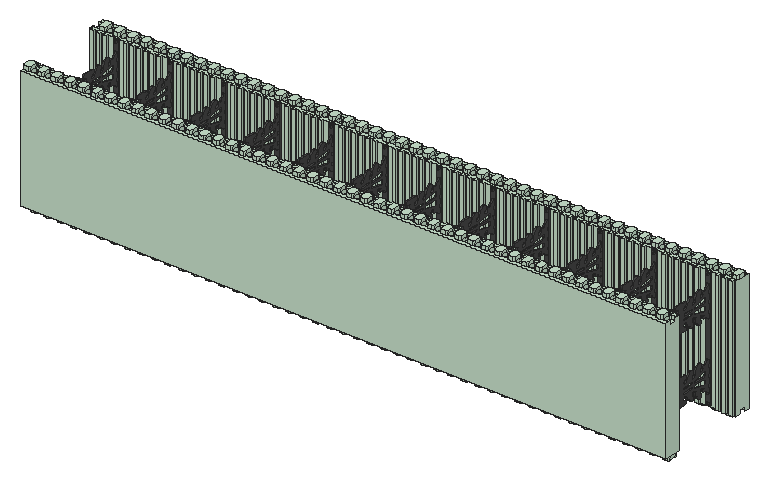
Revit family (continued)
Forms (in)
  Extrusion 100, void
    sketch origin (6, -2, 0) x (-1, 0, 0) y (0, -1, 0)
      loop
        arc (1.91675, 3.76455) -> (1.92106, 3.78736) -> (1.9334, 3.80702) r 0.0625
        arc (1.9334, 3.80702) -> (1.98276, 3.88568) -> (2, 3.97692) r 0.25
        line (2, 3.97692) -> (2, 4.89808)
        arc (2, 4.89808) -> (1.95215, 5.04517) -> (1.82692, 5.13595) r 0.25
        arc (1.82692, 5.13595) -> (1.5, 5.1875) -> (1.17308, 5.13595) r 1.0625
        arc (1.17308, 5.13595) -> (1.04785, 5.04517) -> (1, 4.89808) r 0.25
    from 0 to 0.5
  Extrusion 101, void
    sketch origin (8, -2, 0) x (-1, 0, 0) y (0, -1, 0)
      loop
        line (1, 4.89808) -> (1, 3.97692)
        arc (1, 3.97692) -> (1.04785, 3.82983) -> (1.17308, 3.73905) r 0.25
        arc (1.17308, 3.73905) -> (1.42092, 3.69045) -> (1.67323, 3.70172) r 1.0625
        arc (1.67323, 3.70172) -> (1.72385, 3.68771) -> (1.74592, 3.64005) r 0.0625
        line (1.74592, 3.64005) -> (1.74592, 3.41845) -> (1.91675, 3.41845) -> (1.91675, 3.76455)
        arc (1.91675, 3.76455) -> (1.92106, 3.78736) -> (1.9334, 3.80702) r 0.0625
        arc (1.9334, 3.80702) -> (1.98276, 3.88568) -> (2, 3.97692) r 0.25
        line (2, 3.97692) -> (2, 4.89808)
        arc (2, 4.89808) -> (1.95215, 5.04517) -> (1.82692, 5.13595) r 0.25
        arc (1.82692, 5.13595) -> (1.5, 5.1875) -> (1.17308, 5.13595) r 1.0625
        arc (1.17308, 5.13595) -> (1.04785, 5.04517) -> (1, 4.89808) r 0.25
    from 0 to 0.5
  Extrusion 102, void
    sketch origin (10, -2, 0) x (-1, 0, 0) y (0, -1, 0)
      loop
        line (1, 4.89808) -> (1, 3.97692)
        arc (1, 3.97692) -> (1.04785, 3.82983) -> (1.17308, 3.73905) r 0.25
        arc (1.17308, 3.73905) -> (1.42092, 3.69045) -> (1.67323, 3.70172) r 1.0625
        arc (1.67323, 3.70172) -> (1.72385, 3.68771) -> (1.74592, 3.64005) r 0.0625
        line (1.74592, 3.64005) -> (1.74592, 3.41845) -> (1.91675, 3.41845) -> (1.91675, 3.76455)
        arc (1.91675, 3.76455) -> (1.92106, 3.78736) -> (1.9334, 3.80702) r 0.0625
        arc (1.9334, 3.80702) -> (1.98276, 3.88568) -> (2, 3.97692) r 0.25
        line (2, 3.97692) -> (2, 4.89808)
        arc (2, 4.89808) -> (1.95215, 5.04517) -> (1.82692, 5.13595) r 0.25
        arc (1.82692, 5.13595) -> (1.5, 5.1875) -> (1.17308, 5.13595) r 1.0625
        arc (1.17308, 5.13595) -> (1.04785, 5.04517) -> (1, 4.89808) r 0.25
    from 0 to 0.5
  Extrusion 103, void
    sketch origin (12, -2, 0) x (-1, 0, 0) y (0, -1, 0)
      loop
        line (1, 4.89808) -> (1, 3.97692)
        arc (1, 3.97692) -> (1.04785, 3.82983) -> (1.17308, 3.73905) r 0.25
        arc (1.17308, 3.73905) -> (1.42092, 3.69045) -> (1.67323, 3.70172) r 1.0625
        arc (1.67323, 3.70172) -> (1.72385, 3.68771) -> (1.74592, 3.64005) r 0.0625
        line (1.74592, 3.64005) -> (1.74592, 3.41845) -> (1.91675, 3.41845) -> (1.91675, 3.76455)
        arc (1.91675, 3.76455) -> (1.92106, 3.78736) -> (1.9334, 3.80702) r 0.0625
        arc (1.9334, 3.80702) -> (1.98276, 3.88568) -> (2, 3.97692) r 0.25
        line (2, 3.97692) -> (2, 4.89808)
        arc (2, 4.89808) -> (1.95215, 5.04517) -> (1.82692, 5.13595) r 0.25
        arc (1.82692, 5.13595) -> (1.5, 5.1875) -> (1.17308, 5.13595) r 1.0625
        arc (1.17308, 5.13595) -> (1.04785, 5.04517) -> (1, 4.89808) r 0.25
    from 0 to 0.5
  Extrusion 104, void
    sketch origin (14, -2, 0) x (-1, 0, 0) y (0, -1, 0)
      loop
        line (1, 4.89808) -> (1, 3.97692)
        arc (1, 3.97692) -> (1.04785, 3.82983) -> (1.17308, 3.73905) r 0.25
        arc (1.17308, 3.73905) -> (1.42092, 3.69045) -> (1.67323, 3.70172) r 1.0625
        arc (1.67323, 3.70172) -> (1.72385, 3.68771) -> (1.74592, 3.64005) r 0.0625
        line (1.74592, 3.64005) -> (1.74592, 3.41845) -> (1.91675, 3.41845) -> (1.91675, 3.76455)
        arc (1.91675, 3.76455) -> (1.92106, 3.78736) -> (1.9334, 3.80702) r 0.0625
        arc (1.9334, 3.80702) -> (1.98276, 3.88568) -> (2, 3.97692) r 0.25
        line (2, 3.97692) -> (2, 4.89808)
        arc (2, 4.89808) -> (1.95215, 5.04517) -> (1.82692, 5.13595) r 0.25
        arc (1.82692, 5.13595) -> (1.5, 5.1875) -> (1.17308, 5.13595) r 1.0625
        arc (1.17308, 5.13595) -> (1.04785, 5.04517) -> (1, 4.89808) r 0.25
    from 0 to 0.5
  Extrusion 105, void
    sketch origin (16, -2, 0) x (-1, 0, 0) y (0, -1, 0)
      loop
        line (1, 4.89808) -> (1, 3.97692)
        arc (1, 3.97692) -> (1.04785, 3.82983) -> (1.17308, 3.73905) r 0.25
        arc (1.17308, 3.73905) -> (1.42092, 3.69045) -> (1.67323, 3.70172) r 1.0625
        arc (1.67323, 3.70172) -> (1.72385, 3.68771) -> (1.74592, 3.64005) r 0.0625
        line (1.74592, 3.64005) -> (1.74592, 3.41845) -> (1.91675, 3.41845) -> (1.91675, 3.76455)
        arc (1.91675, 3.76455) -> (1.92106, 3.78736) -> (1.9334, 3.80702) r 0.0625
        arc (1.9334, 3.80702) -> (1.98276, 3.88568) -> (2, 3.97692) r 0.25
        line (2, 3.97692) -> (2, 4.89808)
        arc (2, 4.89808) -> (1.95215, 5.04517) -> (1.82692, 5.13595) r 0.25
        arc (1.82692, 5.13595) -> (1.5, 5.1875) -> (1.17308, 5.13595) r 1.0625
        arc (1.17308, 5.13595) -> (1.04785, 5.04517) -> (1, 4.89808) r 0.25
    from 0 to 0.5
  Extrusion 106, void
    sketch origin (18, -2, 0) x (-1, 0, 0) y (0, -1, 0)
      loop
        line (1, 4.89808) -> (1, 3.97692)
        arc (1, 3.97692) -> (1.04785, 3.82983) -> (1.17308, 3.73905) r 0.25
        arc (1.17308, 3.73905) -> (1.42092, 3.69045) -> (1.67323, 3.70172) r 1.0625
        arc (1.67323, 3.70172) -> (1.72385, 3.68771) -> (1.74592, 3.64005) r 0.0625
        line (1.74592, 3.64005) -> (1.74592, 3.41845) -> (1.91675, 3.41845) -> (1.91675, 3.76455)
        arc (1.91675, 3.76455) -> (1.92106, 3.78736) -> (1.9334, 3.80702) r 0.0625
        arc (1.9334, 3.80702) -> (1.98276, 3.88568) -> (2, 3.97692) r 0.25
        line (2, 3.97692) -> (2, 4.89808)
        arc (2, 4.89808) -> (1.95215, 5.04517) -> (1.82692, 5.13595) r 0.25
        arc (1.82692, 5.13595) -> (1.5, 5.1875) -> (1.17308, 5.13595) r 1.0625
        arc (1.17308, 5.13595) -> (1.04785, 5.04517) -> (1, 4.89808) r 0.25
    from 0 to 0.5
  Extrusion 107, void
    sketch origin (20, -2, 0) x (-1, 0, 0) y (0, -1, 0)
      loop
        line (1, 4.89808) -> (1, 3.97692)
        arc (1, 3.97692) -> (1.04785, 3.82983) -> (1.17308, 3.73905) r 0.25
        arc (1.17308, 3.73905) -> (1.42092, 3.69045) -> (1.67323, 3.70172) r 1.0625
        arc (1.67323, 3.70172) -> (1.72385, 3.68771) -> (1.74592, 3.64005) r 0.0625
        line (1.74592, 3.64005) -> (1.74592, 3.41845) -> (1.91675, 3.41845) -> (1.91675, 3.76455)
        arc (1.91675, 3.76455) -> (1.92106, 3.78736) -> (1.9334, 3.80702) r 0.0625
        arc (1.9334, 3.80702) -> (1.98276, 3.88568) -> (2, 3.97692) r 0.25
        line (2, 3.97692) -> (2, 4.89808)
        arc (2, 4.89808) -> (1.95215, 5.04517) -> (1.82692, 5.13595) r 0.25
        arc (1.82692, 5.13595) -> (1.5, 5.1875) -> (1.17308, 5.13595) r 1.0625
        arc (1.17308, 5.13595) -> (1.04785, 5.04517) -> (1, 4.89808) r 0.25
    from 0 to 0.5
  Extrusion 108, void
    sketch origin (22, -2, 0) x (-1, 0, 0) y (0, -1, 0)
      loop
        line (1, 4.89808) -> (1, 3.97692)
        arc (1, 3.97692) -> (1.04785, 3.82983) -> (1.17308, 3.73905) r 0.25
        arc (1.17308, 3.73905) -> (1.42092, 3.69045) -> (1.67323, 3.70172) r 1.0625
        arc (1.67323, 3.70172) -> (1.72385, 3.68771) -> (1.74592, 3.64005) r 0.0625
        line (1.74592, 3.64005) -> (1.74592, 3.41845) -> (1.91675, 3.41845) -> (1.91675, 3.76455)
        arc (1.91675, 3.76455) -> (1.92106, 3.78736) -> (1.9334, 3.80702) r 0.0625
        arc (1.9334, 3.80702) -> (1.98276, 3.88568) -> (2, 3.97692) r 0.25
        line (2, 3.97692) -> (2, 4.89808)
        arc (2, 4.89808) -> (1.95215, 5.04517) -> (1.82692, 5.13595) r 0.25
        arc (1.82692, 5.13595) -> (1.5, 5.1875) -> (1.17308, 5.13595) r 1.0625
        arc (1.17308, 5.13595) -> (1.04785, 5.04517) -> (1, 4.89808) r 0.25
    from 0 to 0.5
  Extrusion 109, void
    sketch origin (24, -2, 0) x (-1, 0, 0) y (0, -1, 0)
      loop
        line (1, 4.89808) -> (1, 3.97692)
        arc (1, 3.97692) -> (1.04785, 3.82983) -> (1.17308, 3.73905) r 0.25
        arc (1.17308, 3.73905) -> (1.42092, 3.69045) -> (1.67323, 3.70172) r 1.0625
        arc (1.67323, 3.70172) -> (1.72385, 3.68771) -> (1.74592, 3.64005) r 0.0625
        line (1.74592, 3.64005) -> (1.74592, 3.41845) -> (1.91675, 3.41845) -> (1.91675, 3.76455)
        arc (1.91675, 3.76455) -> (1.92106, 3.78736) -> (1.9334, 3.80702) r 0.0625
        arc (1.9334, 3.80702) -> (1.98276, 3.88568) -> (2, 3.97692) r 0.25
        line (2, 3.97692) -> (2, 4.89808)
        arc (2, 4.89808) -> (1.95215, 5.04517) -> (1.82692, 5.13595) r 0.25
        arc (1.82692, 5.13595) -> (1.5, 5.1875) -> (1.17308, 5.13595) r 1.0625
        arc (1.17308, 5.13595) -> (1.04785, 5.04517) -> (1, 4.89808) r 0.25
    from 0 to 0.5
  Extrusion 110, void
    sketch origin (26, -2, 0) x (-1, 0, 0) y (0, -1, 0)
      loop
        line (1, 4.89808) -> (1, 3.97692)
        arc (1, 3.97692) -> (1.04785, 3.82983) -> (1.17308, 3.73905) r 0.25
        arc (1.17308, 3.73905) -> (1.42092, 3.69045) -> (1.67323, 3.70172) r 1.0625
        arc (1.67323, 3.70172) -> (1.72385, 3.68771) -> (1.74592, 3.64005) r 0.0625
        line (1.74592, 3.64005) -> (1.74592, 3.41845) -> (1.91675, 3.41845) -> (1.91675, 3.76455)
        arc (1.91675, 3.76455) -> (1.92106, 3.78736) -> (1.9334, 3.80702) r 0.0625
        arc (1.9334, 3.80702) -> (1.98276, 3.88568) -> (2, 3.97692) r 0.25
        line (2, 3.97692) -> (2, 4.89808)
        arc (2, 4.89808) -> (1.95215, 5.04517) -> (1.82692, 5.13595) r 0.25
        arc (1.82692, 5.13595) -> (1.5, 5.1875) -> (1.17308, 5.13595) r 1.0625
        arc (1.17308, 5.13595) -> (1.04785, 5.04517) -> (1, 4.89808) r 0.25
    from 0 to 0.5
  Extrusion 111, void
    sketch origin (28, -2, 0) x (-1, 0, 0) y (0, -1, 0)
      loop
        line (1, 4.89808) -> (1, 3.97692)
        arc (1, 3.97692) -> (1.04785, 3.82983) -> (1.17308, 3.73905) r 0.25
        arc (1.17308, 3.73905) -> (1.42092, 3.69045) -> (1.67323, 3.70172) r 1.0625
        arc (1.67323, 3.70172) -> (1.72385, 3.68771) -> (1.74592, 3.64005) r 0.0625
        line (1.74592, 3.64005) -> (1.74592, 3.41845) -> (1.91675, 3.41845) -> (1.91675, 3.76455)
        arc (1.91675, 3.76455) -> (1.92106, 3.78736) -> (1.9334, 3.80702) r 0.0625
        arc (1.9334, 3.80702) -> (1.98276, 3.88568) -> (2, 3.97692) r 0.25
        line (2, 3.97692) -> (2, 4.89808)
        arc (2, 4.89808) -> (1.95215, 5.04517) -> (1.82692, 5.13595) r 0.25
        arc (1.82692, 5.13595) -> (1.5, 5.1875) -> (1.17308, 5.13595) r 1.0625
        arc (1.17308, 5.13595) -> (1.04785, 5.04517) -> (1, 4.89808) r 0.25
    from 0 to 0.5
  Extrusion 112, void
    sketch origin (30, -2, 0) x (-1, 0, 0) y (0, -1, 0)
      loop
        line (1, 4.89808) -> (1, 3.97692)
        arc (1, 3.97692) -> (1.04785, 3.82983) -> (1.17308, 3.73905) r 0.25
        arc (1.17308, 3.73905) -> (1.42092, 3.69045) -> (1.67323, 3.70172) r 1.0625
        arc (1.67323, 3.70172) -> (1.72385, 3.68771) -> (1.74592, 3.64005) r 0.0625
        line (1.74592, 3.64005) -> (1.74592, 3.41845) -> (1.91675, 3.41845) -> (1.91675, 3.76455)
        arc (1.91675, 3.76455) -> (1.92106, 3.78736) -> (1.9334, 3.80702) r 0.0625
        arc (1.9334, 3.80702) -> (1.98276, 3.88568) -> (2, 3.97692) r 0.25
        line (2, 3.97692) -> (2, 4.89808)
        arc (2, 4.89808) -> (1.95215, 5.04517) -> (1.82692, 5.13595) r 0.25
        arc (1.82692, 5.13595) -> (1.5, 5.1875) -> (1.17308, 5.13595) r 1.0625
        arc (1.17308, 5.13595) -> (1.04785, 5.04517) -> (1, 4.89808) r 0.25
    from 0 to 0.5
  Extrusion 113, void
    sketch origin (32, -2, 0) x (-1, 0, 0) y (0, -1, 0)
      loop
        line (1, 4.89808) -> (1, 3.97692)
        arc (1, 3.97692) -> (1.04785, 3.82983) -> (1.17308, 3.73905) r 0.25
        arc (1.17308, 3.73905) -> (1.42092, 3.69045) -> (1.67323, 3.70172) r 1.0625
        arc (1.67323, 3.70172) -> (1.72385, 3.68771) -> (1.74592, 3.64005) r 0.0625
        line (1.74592, 3.64005) -> (1.74592, 3.41845) -> (1.91675, 3.41845) -> (1.91675, 3.76455)
        arc (1.91675, 3.76455) -> (1.92106, 3.78736) -> (1.9334, 3.80702) r 0.0625
        arc (1.9334, 3.80702) -> (1.98276, 3.88568) -> (2, 3.97692) r 0.25
        line (2, 3.97692) -> (2, 4.89808)
        arc (2, 4.89808) -> (1.95215, 5.04517) -> (1.82692, 5.13595) r 0.25
        arc (1.82692, 5.13595) -> (1.5, 5.1875) -> (1.17308, 5.13595) r 1.0625
        arc (1.17308, 5.13595) -> (1.04785, 5.04517) -> (1, 4.89808) r 0.25
    from 0 to 0.5
  Extrusion 114, void
    sketch origin (34, -2, 0) x (-1, 0, 0) y (0, -1, 0)
      loop
        line (1, 4.89808) -> (1, 3.97692)
        arc (1, 3.97692) -> (1.04785, 3.82983) -> (1.17308, 3.73905) r 0.25
        arc (1.17308, 3.73905) -> (1.42092, 3.69045) -> (1.67323, 3.70172) r 1.0625
        arc (1.67323, 3.70172) -> (1.72385, 3.68771) -> (1.74592, 3.64005) r 0.0625
        line (1.74592, 3.64005) -> (1.74592, 3.41845) -> (1.91675, 3.41845) -> (1.91675, 3.76455)
        arc (1.91675, 3.76455) -> (1.92106, 3.78736) -> (1.9334, 3.80702) r 0.0625
        arc (1.9334, 3.80702) -> (1.98276, 3.88568) -> (2, 3.97692) r 0.25
        line (2, 3.97692) -> (2, 4.89808)
        arc (2, 4.89808) -> (1.95215, 5.04517) -> (1.82692, 5.13595) r 0.25
        arc (1.82692, 5.13595) -> (1.5, 5.1875) -> (1.17308, 5.13595) r 1.0625
        arc (1.17308, 5.13595) -> (1.04785, 5.04517) -> (1, 4.89808) r 0.25
    from 0 to 0.5
  Extrusion 115, void
    sketch origin (36, -2, 0) x (-1, 0, 0) y (0, -1, 0)
      loop
        line (1, 4.89808) -> (1, 3.97692)
        arc (1, 3.97692) -> (1.04785, 3.82983) -> (1.17308, 3.73905) r 0.25
        arc (1.17308, 3.73905) -> (1.42092, 3.69045) -> (1.67323, 3.70172) r 1.0625
        arc (1.67323, 3.70172) -> (1.72385, 3.68771) -> (1.74592, 3.64005) r 0.0625
        line (1.74592, 3.64005) -> (1.74592, 3.41845) -> (1.91675, 3.41845) -> (1.91675, 3.76455)
        arc (1.91675, 3.76455) -> (1.92106, 3.78736) -> (1.9334, 3.80702) r 0.0625
        arc (1.9334, 3.80702) -> (1.98276, 3.88568) -> (2, 3.97692) r 0.25
        line (2, 3.97692) -> (2, 4.89808)
        arc (2, 4.89808) -> (1.95215, 5.04517) -> (1.82692, 5.13595) r 0.25
        arc (1.82692, 5.13595) -> (1.5, 5.1875) -> (1.17308, 5.13595) r 1.0625
        arc (1.17308, 5.13595) -> (1.04785, 5.04517) -> (1, 4.89808) r 0.25
    from 0 to 0.5
  Extrusion 116, void
    sketch origin (38, -2, 0) x (-1, 0, 0) y (0, -1, 0)
      loop
        line (1, 4.89808) -> (1, 3.97692)
        arc (1, 3.97692) -> (1.04785, 3.82983) -> (1.17308, 3.73905) r 0.25
        arc (1.17308, 3.73905) -> (1.42092, 3.69045) -> (1.67323, 3.70172) r 1.0625
        arc (1.67323, 3.70172) -> (1.72385, 3.68771) -> (1.74592, 3.64005) r 0.0625
        line (1.74592, 3.64005) -> (1.74592, 3.41845) -> (1.91675, 3.41845) -> (1.91675, 3.76455)
        arc (1.91675, 3.76455) -> (1.92106, 3.78736) -> (1.9334, 3.80702) r 0.0625
        arc (1.9334, 3.80702) -> (1.98276, 3.88568) -> (2, 3.97692) r 0.25
        line (2, 3.97692) -> (2, 4.89808)
        arc (2, 4.89808) -> (1.95215, 5.04517) -> (1.82692, 5.13595) r 0.25
        arc (1.82692, 5.13595) -> (1.5, 5.1875) -> (1.17308, 5.13595) r 1.0625
        arc (1.17308, 5.13595) -> (1.04785, 5.04517) -> (1, 4.89808) r 0.25
    from 0 to 0.5
  Extrusion 117, void
    sketch origin (40, -2, 0) x (-1, 0, 0) y (0, -1, 0)
      loop
        line (1, 4.89808) -> (1, 3.97692)
        arc (1, 3.97692) -> (1.04785, 3.82983) -> (1.17308, 3.73905) r 0.25
        arc (1.17308, 3.73905) -> (1.42092, 3.69045) -> (1.67323, 3.70172) r 1.0625
        arc (1.67323, 3.70172) -> (1.72385, 3.68771) -> (1.74592, 3.64005) r 0.0625
        line (1.74592, 3.64005) -> (1.74592, 3.41845) -> (1.91675, 3.41845) -> (1.91675, 3.76455)
        arc (1.91675, 3.76455) -> (1.92106, 3.78736) -> (1.9334, 3.80702) r 0.0625
        arc (1.9334, 3.80702) -> (1.98276, 3.88568) -> (2, 3.97692) r 0.25
        line (2, 3.97692) -> (2, 4.89808)
        arc (2, 4.89808) -> (1.95215, 5.04517) -> (1.82692, 5.13595) r 0.25
        arc (1.82692, 5.13595) -> (1.5, 5.1875) -> (1.17308, 5.13595) r 1.0625
        arc (1.17308, 5.13595) -> (1.04785, 5.04517) -> (1, 4.89808) r 0.25
    from 0 to 0.5
  Extrusion 118, void
    sketch origin (42, -2, 0) x (-1, 0, 0) y (0, -1, 0)
      loop
        line (1, 4.89808) -> (1, 3.97692)
        arc (1, 3.97692) -> (1.04785, 3.82983) -> (1.17308, 3.73905) r 0.25
        arc (1.17308, 3.73905) -> (1.42092, 3.69045) -> (1.67323, 3.70172) r 1.0625
        arc (1.67323, 3.70172) -> (1.72385, 3.68771) -> (1.74592, 3.64005) r 0.0625
        line (1.74592, 3.64005) -> (1.74592, 3.41845) -> (1.91675, 3.41845) -> (1.91675, 3.76455)
        arc (1.91675, 3.76455) -> (1.92106, 3.78736) -> (1.9334, 3.80702) r 0.0625
        arc (1.9334, 3.80702) -> (1.98276, 3.88568) -> (2, 3.97692) r 0.25
        line (2, 3.97692) -> (2, 4.89808)
        arc (2, 4.89808) -> (1.95215, 5.04517) -> (1.82692, 5.13595) r 0.25
        arc (1.82692, 5.13595) -> (1.5, 5.1875) -> (1.17308, 5.13595) r 1.0625
        arc (1.17308, 5.13595) -> (1.04785, 5.04517) -> (1, 4.89808) r 0.25
    from 0 to 0.5
  Extrusion 119, void
    sketch origin (44, -2, 0) x (-1, 0, 0) y (0, -1, 0)
      loop
        line (1, 4.89808) -> (1, 3.97692)
        arc (1, 3.97692) -> (1.04785, 3.82983) -> (1.17308, 3.73905) r 0.25
        arc (1.17308, 3.73905) -> (1.42092, 3.69045) -> (1.67323, 3.70172) r 1.0625
        arc (1.67323, 3.70172) -> (1.72385, 3.68771) -> (1.74592, 3.64005) r 0.0625
        line (1.74592, 3.64005) -> (1.74592, 3.41845) -> (1.91675, 3.41845) -> (1.91675, 3.76455)
        arc (1.91675, 3.76455) -> (1.92106, 3.78736) -> (1.9334, 3.80702) r 0.0625
        arc (1.9334, 3.80702) -> (1.98276, 3.88568) -> (2, 3.97692) r 0.25
        line (2, 3.97692) -> (2, 4.89808)
        arc (2, 4.89808) -> (1.95215, 5.04517) -> (1.82692, 5.13595) r 0.25
        arc (1.82692, 5.13595) -> (1.5, 5.1875) -> (1.17308, 5.13595) r 1.0625
        arc (1.17308, 5.13595) -> (1.04785, 5.04517) -> (1, 4.89808) r 0.25
    from 0 to 0.5
  Extrusion 120, void
    sketch origin (46, -2, 0) x (-1, 0, 0) y (0, -1, 0)
      loop
        line (1, 4.89808) -> (1, 3.97692)
        arc (1, 3.97692) -> (1.04785, 3.82983) -> (1.17308, 3.73905) r 0.25
        arc (1.17308, 3.73905) -> (1.42092, 3.69045) -> (1.67323, 3.70172) r 1.0625
        arc (1.67323, 3.70172) -> (1.72385, 3.68771) -> (1.74592, 3.64005) r 0.0625
        line (1.74592, 3.64005) -> (1.74592, 3.41845) -> (1.91675, 3.41845) -> (1.91675, 3.76455)
        arc (1.91675, 3.76455) -> (1.92106, 3.78736) -> (1.9334, 3.80702) r 0.0625
        arc (1.9334, 3.80702) -> (1.98276, 3.88568) -> (2, 3.97692) r 0.25
        line (2, 3.97692) -> (2, 4.89808)
        arc (2, 4.89808) -> (1.95215, 5.04517) -> (1.82692, 5.13595) r 0.25
        arc (1.82692, 5.13595) -> (1.5, 5.1875) -> (1.17308, 5.13595) r 1.0625
        arc (1.17308, 5.13595) -> (1.04785, 5.04517) -> (1, 4.89808) r 0.25
    from 0 to 0.5
  Extrusion 121, void
    sketch origin (48, -2, 0) x (-1, 0, 0) y (0, -1, 0)
      loop
        line (1, 4.89808) -> (1, 3.97692)
        arc (1, 3.97692) -> (1.04785, 3.82983) -> (1.17308, 3.73905) r 0.25
        arc (1.17308, 3.73905) -> (1.42092, 3.69045) -> (1.67323, 3.70172) r 1.0625
        arc (1.67323, 3.70172) -> (1.72385, 3.68771) -> (1.74592, 3.64005) r 0.0625
        line (1.74592, 3.64005) -> (1.74592, 3.41845) -> (1.91675, 3.41845) -> (1.91675, 3.76455)
        arc (1.91675, 3.76455) -> (1.92106, 3.78736) -> (1.9334, 3.80702) r 0.0625
        arc (1.9334, 3.80702) -> (1.98276, 3.88568) -> (2, 3.97692) r 0.25
        line (2, 3.97692) -> (2, 4.89808)
        arc (2, 4.89808) -> (1.95215, 5.04517) -> (1.82692, 5.13595) r 0.25
        arc (1.82692, 5.13595) -> (1.5, 5.1875) -> (1.17308, 5.13595) r 1.0625
        arc (1.17308, 5.13595) -> (1.04785, 5.04517) -> (1, 4.89808) r 0.25
    from 0 to 0.5
  Extrusion 122, void
    sketch origin (50, -2, 0) x (-1, 0, 0) y (0, -1, 0)
      loop
        line (1, 4.89808) -> (1, 3.97692)
        arc (1, 3.97692) -> (1.04785, 3.82983) -> (1.17308, 3.73905) r 0.25
        arc (1.17308, 3.73905) -> (1.42092, 3.69045) -> (1.67323, 3.70172) r 1.0625
        arc (1.67323, 3.70172) -> (1.72385, 3.68771) -> (1.74592, 3.64005) r 0.0625
        line (1.74592, 3.64005) -> (1.74592, 3.41845) -> (1.91675, 3.41845) -> (1.91675, 3.76455)
        arc (1.91675, 3.76455) -> (1.92106, 3.78736) -> (1.9334, 3.80702) r 0.0625
        arc (1.9334, 3.80702) -> (1.98276, 3.88568) -> (2, 3.97692) r 0.25
        line (2, 3.97692) -> (2, 4.89808)
        arc (2, 4.89808) -> (1.95215, 5.04517) -> (1.82692, 5.13595) r 0.25
        arc (1.82692, 5.13595) -> (1.5, 5.1875) -> (1.17308, 5.13595) r 1.0625
        arc (1.17308, 5.13595) -> (1.04785, 5.04517) -> (1, 4.89808) r 0.25
    from 0 to 0.5
  Extrusion 123, void
    sketch origin (52, -2, 0) x (-1, 0, 0) y (0, -1, 0)
      loop
        line (1, 4.89808) -> (1, 3.97692)
        arc (1, 3.97692) -> (1.04785, 3.82983) -> (1.17308, 3.73905) r 0.25
        arc (1.17308, 3.73905) -> (1.42092, 3.69045) -> (1.67323, 3.70172) r 1.0625
        arc (1.67323, 3.70172) -> (1.72385, 3.68771) -> (1.74592, 3.64005) r 0.0625
        line (1.74592, 3.64005) -> (1.74592, 3.41845) -> (1.91675, 3.41845) -> (1.91675, 3.76455)
        arc (1.91675, 3.76455) -> (1.92106, 3.78736) -> (1.9334, 3.80702) r 0.0625
        arc (1.9334, 3.80702) -> (1.98276, 3.88568) -> (2, 3.97692) r 0.25
        line (2, 3.97692) -> (2, 4.89808)
        arc (2, 4.89808) -> (1.95215, 5.04517) -> (1.82692, 5.13595) r 0.25
        arc (1.82692, 5.13595) -> (1.5, 5.1875) -> (1.17308, 5.13595) r 1.0625
        arc (1.17308, 5.13595) -> (1.04785, 5.04517) -> (1, 4.89808) r 0.25
    from 0 to 0.5
  Extrusion 124, void
    sketch origin (54, -2, 0) x (-1, 0, 0) y (0, -1, 0)
      loop
        line (1, 4.89808) -> (1, 3.97692)
        arc (1, 3.97692) -> (1.04785, 3.82983) -> (1.17308, 3.73905) r 0.25
        arc (1.17308, 3.73905) -> (1.42092, 3.69045) -> (1.67323, 3.70172) r 1.0625
        arc (1.67323, 3.70172) -> (1.72385, 3.68771) -> (1.74592, 3.64005) r 0.0625
        line (1.74592, 3.64005) -> (1.74592, 3.41845) -> (1.91675, 3.41845) -> (1.91675, 3.76455)
        arc (1.91675, 3.76455) -> (1.92106, 3.78736) -> (1.9334, 3.80702) r 0.0625
        arc (1.9334, 3.80702) -> (1.98276, 3.88568) -> (2, 3.97692) r 0.25
        line (2, 3.97692) -> (2, 4.89808)
        arc (2, 4.89808) -> (1.95215, 5.04517) -> (1.82692, 5.13595) r 0.25
        arc (1.82692, 5.13595) -> (1.5, 5.1875) -> (1.17308, 5.13595) r 1.0625
        arc (1.17308, 5.13595) -> (1.04785, 5.04517) -> (1, 4.89808) r 0.25
    from 0 to 0.5
  Extrusion 125, void
    sketch origin (56, -2, 0) x (-1, 0, 0) y (0, -1, 0)
      loop
        line (1, 4.89808) -> (1, 3.97692)
        arc (1, 3.97692) -> (1.04785, 3.82983) -> (1.17308, 3.73905) r 0.25
        arc (1.17308, 3.73905) -> (1.42092, 3.69045) -> (1.67323, 3.70172) r 1.0625
        arc (1.67323, 3.70172) -> (1.72385, 3.68771) -> (1.74592, 3.64005) r 0.0625
        line (1.74592, 3.64005) -> (1.74592, 3.41845) -> (1.91675, 3.41845) -> (1.91675, 3.76455)
        arc (1.91675, 3.76455) -> (1.92106, 3.78736) -> (1.9334, 3.80702) r 0.0625
        arc (1.9334, 3.80702) -> (1.98276, 3.88568) -> (2, 3.97692) r 0.25
        line (2, 3.97692) -> (2, 4.89808)
        arc (2, 4.89808) -> (1.95215, 5.04517) -> (1.82692, 5.13595) r 0.25
        arc (1.82692, 5.13595) -> (1.5, 5.1875) -> (1.17308, 5.13595) r 1.0625
        arc (1.17308, 5.13595) -> (1.04785, 5.04517) -> (1, 4.89808) r 0.25
    from 0 to 0.5
  Extrusion 126, void
    sketch origin (58, -2, 0) x (-1, 0, 0) y (0, -1, 0)
      loop
        line (1, 4.89808) -> (1, 3.97692)
        arc (1, 3.97692) -> (1.04785, 3.82983) -> (1.17308, 3.73905) r 0.25
        arc (1.17308, 3.73905) -> (1.42092, 3.69045) -> (1.67323, 3.70172) r 1.0625
        arc (1.67323, 3.70172) -> (1.72385, 3.68771) -> (1.74592, 3.64005) r 0.0625
        line (1.74592, 3.64005) -> (1.74592, 3.41845) -> (1.91675, 3.41845) -> (1.91675, 3.76455)
        arc (1.91675, 3.76455) -> (1.92106, 3.78736) -> (1.9334, 3.80702) r 0.0625
        arc (1.9334, 3.80702) -> (1.98276, 3.88568) -> (2, 3.97692) r 0.25
        line (2, 3.97692) -> (2, 4.89808)
        arc (2, 4.89808) -> (1.95215, 5.04517) -> (1.82692, 5.13595) r 0.25
        arc (1.82692, 5.13595) -> (1.5, 5.1875) -> (1.17308, 5.13595) r 1.0625
        arc (1.17308, 5.13595) -> (1.04785, 5.04517) -> (1, 4.89808) r 0.25
    from 0 to 0.5
  Extrusion 127, void
    sketch origin (60, -2, 0) x (-1, 0, 0) y (0, -1, 0)
      loop
        line (1, 4.89808) -> (1, 3.97692)
        arc (1, 3.97692) -> (1.04785, 3.82983) -> (1.17308, 3.73905) r 0.25
        arc (1.17308, 3.73905) -> (1.42092, 3.69045) -> (1.67323, 3.70172) r 1.0625
        arc (1.67323, 3.70172) -> (1.72385, 3.68771) -> (1.74592, 3.64005) r 0.0625
        line (1.74592, 3.64005) -> (1.74592, 3.41845) -> (1.91675, 3.41845) -> (1.91675, 3.76455)
        arc (1.91675, 3.76455) -> (1.92106, 3.78736) -> (1.9334, 3.80702) r 0.0625
        arc (1.9334, 3.80702) -> (1.98276, 3.88568) -> (2, 3.97692) r 0.25
        line (2, 3.97692) -> (2, 4.89808)
        arc (2, 4.89808) -> (1.95215, 5.04517) -> (1.82692, 5.13595) r 0.25
        arc (1.82692, 5.13595) -> (1.5, 5.1875) -> (1.17308, 5.13595) r 1.0625
        arc (1.17308, 5.13595) -> (1.04785, 5.04517) -> (1, 4.89808) r 0.25
    from 0 to 0.5
  Extrusion 128, void
    sketch origin (62, -2, 0) x (-1, 0, 0) y (0, -1, 0)
      loop
        line (1, 4.89808) -> (1, 3.97692)
        arc (1, 3.97692) -> (1.04785, 3.82983) -> (1.17308, 3.73905) r 0.25
        arc (1.17308, 3.73905) -> (1.42092, 3.69045) -> (1.67323, 3.70172) r 1.0625
        arc (1.67323, 3.70172) -> (1.72385, 3.68771) -> (1.74592, 3.64005) r 0.0625
        line (1.74592, 3.64005) -> (1.74592, 3.41845) -> (1.91675, 3.41845) -> (1.91675, 3.76455)
        arc (1.91675, 3.76455) -> (1.92106, 3.78736) -> (1.9334, 3.80702) r 0.0625
        arc (1.9334, 3.80702) -> (1.98276, 3.88568) -> (2, 3.97692) r 0.25
        line (2, 3.97692) -> (2, 4.89808)
        arc (2, 4.89808) -> (1.95215, 5.04517) -> (1.82692, 5.13595) r 0.25
        arc (1.82692, 5.13595) -> (1.5, 5.1875) -> (1.17308, 5.13595) r 1.0625
        arc (1.17308, 5.13595) -> (1.04785, 5.04517) -> (1, 4.89808) r 0.25
    from 0 to 0.5
  Extrusion 129, void
    sketch origin (64, -2, 0) x (-1, 0, 0) y (0, -1, 0)
      loop
        line (1, 4.89808) -> (1, 3.97692)
        arc (1, 3.97692) -> (1.04785, 3.82983) -> (1.17308, 3.73905) r 0.25
        arc (1.17308, 3.73905) -> (1.42092, 3.69045) -> (1.67323, 3.70172) r 1.0625
        arc (1.67323, 3.70172) -> (1.72385, 3.68771) -> (1.74592, 3.64005) r 0.0625
        line (1.74592, 3.64005) -> (1.74592, 3.41845) -> (1.91675, 3.41845) -> (1.91675, 3.76455)
        arc (1.91675, 3.76455) -> (1.92106, 3.78736) -> (1.9334, 3.80702) r 0.0625
        arc (1.9334, 3.80702) -> (1.98276, 3.88568) -> (2, 3.97692) r 0.25
        line (2, 3.97692) -> (2, 4.89808)
        arc (2, 4.89808) -> (1.95215, 5.04517) -> (1.82692, 5.13595) r 0.25
        arc (1.82692, 5.13595) -> (1.5, 5.1875) -> (1.17308, 5.13595) r 1.0625
        arc (1.17308, 5.13595) -> (1.04785, 5.04517) -> (1, 4.89808) r 0.25
    from 0 to 0.5
  Extrusion 130, void
    sketch origin (66, -2, 0) x (-1, 0, 0) y (0, -1, 0)
      loop
        line (1, 4.89808) -> (1, 3.97692)
        arc (1, 3.97692) -> (1.04785, 3.82983) -> (1.17308, 3.73905) r 0.25
        arc (1.17308, 3.73905) -> (1.42092, 3.69045) -> (1.67323, 3.70172) r 1.0625
        arc (1.67323, 3.70172) -> (1.72385, 3.68771) -> (1.74592, 3.64005) r 0.0625
        line (1.74592, 3.64005) -> (1.74592, 3.41845) -> (1.91675, 3.41845) -> (1.91675, 3.76455)
        arc (1.91675, 3.76455) -> (1.92106, 3.78736) -> (1.9334, 3.80702) r 0.0625
        arc (1.9334, 3.80702) -> (1.98276, 3.88568) -> (2, 3.97692) r 0.25
        line (2, 3.97692) -> (2, 4.89808)
        arc (2, 4.89808) -> (1.95215, 5.04517) -> (1.82692, 5.13595) r 0.25
        arc (1.82692, 5.13595) -> (1.5, 5.1875) -> (1.17308, 5.13595) r 1.0625
        arc (1.17308, 5.13595) -> (1.04785, 5.04517) -> (1, 4.89808) r 0.25
    from 0 to 0.5
  Extrusion 131, void
    sketch origin (68, -2, 0) x (-1, 0, 0) y (0, -1, 0)
      loop
        line (1, 4.89808) -> (1, 3.97692)
        arc (1, 3.97692) -> (1.04785, 3.82983) -> (1.17308, 3.73905) r 0.25
        arc (1.17308, 3.73905) -> (1.42092, 3.69045) -> (1.67323, 3.70172) r 1.0625
        arc (1.67323, 3.70172) -> (1.72385, 3.68771) -> (1.74592, 3.64005) r 0.0625
        line (1.74592, 3.64005) -> (1.74592, 3.41845) -> (1.91675, 3.41845) -> (1.91675, 3.76455)
        arc (1.91675, 3.76455) -> (1.92106, 3.78736) -> (1.9334, 3.80702) r 0.0625
        arc (1.9334, 3.80702) -> (1.98276, 3.88568) -> (2, 3.97692) r 0.25
        line (2, 3.97692) -> (2, 4.89808)
        arc (2, 4.89808) -> (1.95215, 5.04517) -> (1.82692, 5.13595) r 0.25
        arc (1.82692, 5.13595) -> (1.5, 5.1875) -> (1.17308, 5.13595) r 1.0625
        arc (1.17308, 5.13595) -> (1.04785, 5.04517) -> (1, 4.89808) r 0.25
    from 0 to 0.5
  Extrusion 132, void
    sketch origin (70, -2, 0) x (-1, 0, 0) y (0, -1, 0)
      loop
        line (1, 4.89808) -> (1, 3.97692)
        arc (1, 3.97692) -> (1.04785, 3.82983) -> (1.17308, 3.73905) r 0.25
        arc (1.17308, 3.73905) -> (1.42092, 3.69045) -> (1.67323, 3.70172) r 1.0625
        arc (1.67323, 3.70172) -> (1.72385, 3.68771) -> (1.74592, 3.64005) r 0.0625
        line (1.74592, 3.64005) -> (1.74592, 3.41845) -> (1.91675, 3.41845) -> (1.91675, 3.76455)
        arc (1.91675, 3.76455) -> (1.92106, 3.78736) -> (1.9334, 3.80702) r 0.0625
        arc (1.9334, 3.80702) -> (1.98276, 3.88568) -> (2, 3.97692) r 0.25
        line (2, 3.97692) -> (2, 4.89808)
        arc (2, 4.89808) -> (1.95215, 5.04517) -> (1.82692, 5.13595) r 0.25
        arc (1.82692, 5.13595) -> (1.5, 5.1875) -> (1.17308, 5.13595) r 1.0625
        arc (1.17308, 5.13595) -> (1.04785, 5.04517) -> (1, 4.89808) r 0.25
    from 0 to 0.5
  Extrusion 133, void
    sketch origin (72, -2, 0) x (-1, 0, 0) y (0, -1, 0)
      loop
        line (1, 4.89808) -> (1, 3.97692)
        arc (1, 3.97692) -> (1.04785, 3.82983) -> (1.17308, 3.73905) r 0.25
        arc (1.17308, 3.73905) -> (1.42092, 3.69045) -> (1.67323, 3.70172) r 1.0625
        arc (1.67323, 3.70172) -> (1.72385, 3.68771) -> (1.74592, 3.64005) r 0.0625
        line (1.74592, 3.64005) -> (1.74592, 3.41845) -> (1.91675, 3.41845) -> (1.91675, 3.76455)
        arc (1.91675, 3.76455) -> (1.92106, 3.78736) -> (1.9334, 3.80702) r 0.0625
        arc (1.9334, 3.80702) -> (1.98276, 3.88568) -> (2, 3.97692) r 0.25
        line (2, 3.97692) -> (2, 4.89808)
        arc (2, 4.89808) -> (1.95215, 5.04517) -> (1.82692, 5.13595) r 0.25
        arc (1.82692, 5.13595) -> (1.5, 5.1875) -> (1.17308, 5.13595) r 1.0625
        arc (1.17308, 5.13595) -> (1.04785, 5.04517) -> (1, 4.89808) r 0.25
    from 0 to 0.5
  Extrusion 134, void
    sketch origin (74, -2, 0) x (-1, 0, 0) y (0, -1, 0)
      loop
        line (1, 4.89808) -> (1, 3.97692)
        arc (1, 3.97692) -> (1.04785, 3.82983) -> (1.17308, 3.73905) r 0.25
        arc (1.17308, 3.73905) -> (1.42092, 3.69045) -> (1.67323, 3.70172) r 1.0625
        arc (1.67323, 3.70172) -> (1.72385, 3.68771) -> (1.74592, 3.64005) r 0.0625
        line (1.74592, 3.64005) -> (1.74592, 3.41845) -> (1.91675, 3.41845) -> (1.91675, 3.76455)
        arc (1.91675, 3.76455) -> (1.92106, 3.78736) -> (1.9334, 3.80702) r 0.0625
        arc (1.9334, 3.80702) -> (1.98276, 3.88568) -> (2, 3.97692) r 0.25
        line (2, 3.97692) -> (2, 4.89808)
        arc (2, 4.89808) -> (1.95215, 5.04517) -> (1.82692, 5.13595) r 0.25
        arc (1.82692, 5.13595) -> (1.5, 5.1875) -> (1.17308, 5.13595) r 1.0625
        arc (1.17308, 5.13595) -> (1.04785, 5.04517) -> (1, 4.89808) r 0.25
    from 0 to 0.5
  Extrusion 135, void
    sketch origin (76, -2, 0) x (-1, 0, 0) y (0, -1, 0)
      loop
        line (1, 4.89808) -> (1, 3.97692)
        arc (1, 3.97692) -> (1.04785, 3.82983) -> (1.17308, 3.73905) r 0.25
        arc (1.17308, 3.73905) -> (1.42092, 3.69045) -> (1.67323, 3.70172) r 1.0625
        arc (1.67323, 3.70172) -> (1.72385, 3.68771) -> (1.74592, 3.64005) r 0.0625
        line (1.74592, 3.64005) -> (1.74592, 3.41845) -> (1.91675, 3.41845) -> (1.91675, 3.76455)
        arc (1.91675, 3.76455) -> (1.92106, 3.78736) -> (1.9334, 3.80702) r 0.0625
        arc (1.9334, 3.80702) -> (1.98276, 3.88568) -> (2, 3.97692) r 0.25
        line (2, 3.97692) -> (2, 4.89808)
        arc (2, 4.89808) -> (1.95215, 5.04517) -> (1.82692, 5.13595) r 0.25
        arc (1.82692, 5.13595) -> (1.5, 5.1875) -> (1.17308, 5.13595) r 1.0625
        arc (1.17308, 5.13595) -> (1.04785, 5.04517) -> (1, 4.89808) r 0.25
    from 0 to 0.5
  Extrusion 136, void
    sketch origin (78, -2, 0) x (-1, 0, 0) y (0, -1, 0)
      loop
        line (1, 4.89808) -> (1, 3.97692)
        arc (1, 3.97692) -> (1.04785, 3.82983) -> (1.17308, 3.73905) r 0.25
        arc (1.17308, 3.73905) -> (1.42092, 3.69045) -> (1.67323, 3.70172) r 1.0625
        arc (1.67323, 3.70172) -> (1.72385, 3.68771) -> (1.74592, 3.64005) r 0.0625
        line (1.74592, 3.64005) -> (1.74592, 3.41845) -> (1.91675, 3.41845) -> (1.91675, 3.76455)
        arc (1.91675, 3.76455) -> (1.92106, 3.78736) -> (1.9334, 3.80702) r 0.0625
        arc (1.9334, 3.80702) -> (1.98276, 3.88568) -> (2, 3.97692) r 0.25
        line (2, 3.97692) -> (2, 4.89808)
        arc (2, 4.89808) -> (1.95215, 5.04517) -> (1.82692, 5.13595) r 0.25
        arc (1.82692, 5.13595) -> (1.5, 5.1875) -> (1.17308, 5.13595) r 1.0625
        arc (1.17308, 5.13595) -> (1.04785, 5.04517) -> (1, 4.89808) r 0.25
    from 0 to 0.5
  Extrusion 137, void
    sketch origin (80, -2, 0) x (-1, 0, 0) y (0, -1, 0)
      loop
        line (1, 4.89808) -> (1, 3.97692)
        arc (1, 3.97692) -> (1.04785, 3.82983) -> (1.17308, 3.73905) r 0.25
        arc (1.17308, 3.73905) -> (1.42092, 3.69045) -> (1.67323, 3.70172) r 1.0625
        arc (1.67323, 3.70172) -> (1.72385, 3.68771) -> (1.74592, 3.64005) r 0.0625
        line (1.74592, 3.64005) -> (1.74592, 3.41845) -> (1.91675, 3.41845) -> (1.91675, 3.76455)
        arc (1.91675, 3.76455) -> (1.92106, 3.78736) -> (1.9334, 3.80702) r 0.0625
        arc (1.9334, 3.80702) -> (1.98276, 3.88568) -> (2, 3.97692) r 0.25
        line (2, 3.97692) -> (2, 4.89808)
        arc (2, 4.89808) -> (1.95215, 5.04517) -> (1.82692, 5.13595) r 0.25
        arc (1.82692, 5.13595) -> (1.5, 5.1875) -> (1.17308, 5.13595) r 1.0625
        arc (1.17308, 5.13595) -> (1.04785, 5.04517) -> (1, 4.89808) r 0.25
    from 0 to 0.5
  Extrusion 138, void
    sketch origin (82, -2, 0) x (-1, 0, 0) y (0, -1, 0)
      loop
        line (1, 4.89808) -> (1, 3.97692)
        arc (1, 3.97692) -> (1.04785, 3.82983) -> (1.17308, 3.73905) r 0.25
        arc (1.17308, 3.73905) -> (1.42092, 3.69045) -> (1.67323, 3.70172) r 1.0625
        arc (1.67323, 3.70172) -> (1.72385, 3.68771) -> (1.74592, 3.64005) r 0.0625
        line (1.74592, 3.64005) -> (1.74592, 3.41845) -> (1.91675, 3.41845) -> (1.91675, 3.76455)
        arc (1.91675, 3.76455) -> (1.92106, 3.78736) -> (1.9334, 3.80702) r 0.0625
        arc (1.9334, 3.80702) -> (1.98276, 3.88568) -> (2, 3.97692) r 0.25
        line (2, 3.97692) -> (2, 4.89808)
        arc (2, 4.89808) -> (1.95215, 5.04517) -> (1.82692, 5.13595) r 0.25
        arc (1.82692, 5.13595) -> (1.5, 5.1875) -> (1.17308, 5.13595) r 1.0625
        arc (1.17308, 5.13595) -> (1.04785, 5.04517) -> (1, 4.89808) r 0.25
    from 0 to 0.5
  Extrusion 139, void
    sketch origin (84, -2, 0) x (-1, 0, 0) y (0, -1, 0)
      loop
        line (1, 4.89808) -> (1, 3.97692)
        arc (1, 3.97692) -> (1.04785, 3.82983) -> (1.17308, 3.73905) r 0.25
        arc (1.17308, 3.73905) -> (1.42092, 3.69045) -> (1.67323, 3.70172) r 1.0625
        arc (1.67323, 3.70172) -> (1.72385, 3.68771) -> (1.74592, 3.64005) r 0.0625
        line (1.74592, 3.64005) -> (1.74592, 3.41845) -> (1.91675, 3.41845) -> (1.91675, 3.76455)
        arc (1.91675, 3.76455) -> (1.92106, 3.78736) -> (1.9334, 3.80702) r 0.0625
        arc (1.9334, 3.80702) -> (1.98276, 3.88568) -> (2, 3.97692) r 0.25
        line (2, 3.97692) -> (2, 4.89808)
        arc (2, 4.89808) -> (1.95215, 5.04517) -> (1.82692, 5.13595) r 0.25
        arc (1.82692, 5.13595) -> (1.5, 5.1875) -> (1.17308, 5.13595) r 1.0625
        arc (1.17308, 5.13595) -> (1.04785, 5.04517) -> (1, 4.89808) r 0.25
    from 0 to 0.5
  Extrusion 140, void
    sketch origin (86, -2, 0) x (-1, 0, 0) y (0, -1, 0)
      loop
        line (1, 4.89808) -> (1, 3.97692)
        arc (1, 3.97692) -> (1.04785, 3.82983) -> (1.17308, 3.73905) r 0.25
        arc (1.17308, 3.73905) -> (1.42092, 3.69045) -> (1.67323, 3.70172) r 1.0625
        arc (1.67323, 3.70172) -> (1.72385, 3.68771) -> (1.74592, 3.64005) r 0.0625
        line (1.74592, 3.64005) -> (1.74592, 3.41845) -> (1.91675, 3.41845) -> (1.91675, 3.76455)
        arc (1.91675, 3.76455) -> (1.92106, 3.78736) -> (1.9334, 3.80702) r 0.0625
        arc (1.9334, 3.80702) -> (1.98276, 3.88568) -> (2, 3.97692) r 0.25
        line (2, 3.97692) -> (2, 4.89808)
        arc (2, 4.89808) -> (1.95215, 5.04517) -> (1.82692, 5.13595) r 0.25
        arc (1.82692, 5.13595) -> (1.5, 5.1875) -> (1.17308, 5.13595) r 1.0625
        arc (1.17308, 5.13595) -> (1.04785, 5.04517) -> (1, 4.89808) r 0.25
    from 0 to 0.5
  Extrusion 141, void
    sketch origin (88, -2, 0) x (-1, 0, 0) y (0, -1, 0)
      loop
        line (1, 4.89808) -> (1, 3.97692)
        arc (1, 3.97692) -> (1.04785, 3.82983) -> (1.17308, 3.73905) r 0.25
        arc (1.17308, 3.73905) -> (1.42092, 3.69045) -> (1.67323, 3.70172) r 1.0625
        arc (1.67323, 3.70172) -> (1.72385, 3.68771) -> (1.74592, 3.64005) r 0.0625
        line (1.74592, 3.64005) -> (1.74592, 3.41845) -> (1.91675, 3.41845) -> (1.91675, 3.76455)
        arc (1.91675, 3.76455) -> (1.92106, 3.78736) -> (1.9334, 3.80702) r 0.0625
        arc (1.9334, 3.80702) -> (1.98276, 3.88568) -> (2, 3.97692) r 0.25
        line (2, 3.97692) -> (2, 4.89808)
        arc (2, 4.89808) -> (1.95215, 5.04517) -> (1.82692, 5.13595) r 0.25
        arc (1.82692, 5.13595) -> (1.5, 5.1875) -> (1.17308, 5.13595) r 1.0625
        arc (1.17308, 5.13595) -> (1.04785, 5.04517) -> (1, 4.89808) r 0.25
    from 0 to 0.5
  Extrusion 142, void
    sketch origin (90, -2, 0) x (-1, 0, 0) y (0, -1, 0)
      loop
        line (1, 4.89808) -> (1, 3.97692)
        arc (1, 3.97692) -> (1.04785, 3.82983) -> (1.17308, 3.73905) r 0.25
        arc (1.17308, 3.73905) -> (1.42092, 3.69045) -> (1.67323, 3.70172) r 1.0625
        arc (1.67323, 3.70172) -> (1.72385, 3.68771) -> (1.74592, 3.64005) r 0.0625
        line (1.74592, 3.64005) -> (1.74592, 3.41845) -> (1.91675, 3.41845) -> (1.91675, 3.76455)
        arc (1.91675, 3.76455) -> (1.92106, 3.78736) -> (1.9334, 3.80702) r 0.0625
        arc (1.9334, 3.80702) -> (1.98276, 3.88568) -> (2, 3.97692) r 0.25
        line (2, 3.97692) -> (2, 4.89808)
        arc (2, 4.89808) -> (1.95215, 5.04517) -> (1.82692, 5.13595) r 0.25
        arc (1.82692, 5.13595) -> (1.5, 5.1875) -> (1.17308, 5.13595) r 1.0625
        arc (1.17308, 5.13595) -> (1.04785, 5.04517) -> (1, 4.89808) r 0.25
    from 0 to 0.5
  Extrusion 143, void
    sketch origin (92, -2, 0) x (-1, 0, 0) y (0, -1, 0)
      loop
        line (1, 4.89808) -> (1, 3.97692)
        arc (1, 3.97692) -> (1.04785, 3.82983) -> (1.17308, 3.73905) r 0.25
        arc (1.17308, 3.73905) -> (1.42092, 3.69045) -> (1.67323, 3.70172) r 1.0625
        arc (1.67323, 3.70172) -> (1.72385, 3.68771) -> (1.74592, 3.64005) r 0.0625
        line (1.74592, 3.64005) -> (1.74592, 3.41845) -> (1.91675, 3.41845) -> (1.91675, 3.76455)
        arc (1.91675, 3.76455) -> (1.92106, 3.78736) -> (1.9334, 3.80702) r 0.0625
        arc (1.9334, 3.80702) -> (1.98276, 3.88568) -> (2, 3.97692) r 0.25
        line (2, 3.97692) -> (2, 4.89808)
        arc (2, 4.89808) -> (1.95215, 5.04517) -> (1.82692, 5.13595) r 0.25
        arc (1.82692, 5.13595) -> (1.5, 5.1875) -> (1.17308, 5.13595) r 1.0625
        arc (1.17308, 5.13595) -> (1.04785, 5.04517) -> (1, 4.89808) r 0.25
    from 0 to 0.5
  Extrusion 144, void
    sketch origin (94, -2, 0) x (-1, 0, 0) y (0, -1, 0)
      loop
        line (1, 4.89808) -> (1, 3.97692)
        arc (1, 3.97692) -> (1.04785, 3.82983) -> (1.17308, 3.73905) r 0.25
        arc (1.17308, 3.73905) -> (1.42092, 3.69045) -> (1.67323, 3.70172) r 1.0625
        arc (1.67323, 3.70172) -> (1.72385, 3.68771) -> (1.74592, 3.64005) r 0.0625
        line (1.74592, 3.64005) -> (1.74592, 3.41845) -> (1.91675, 3.41845) -> (1.91675, 3.76455)
        arc (1.91675, 3.76455) -> (1.92106, 3.78736) -> (1.9334, 3.80702) r 0.0625
        arc (1.9334, 3.80702) -> (1.98276, 3.88568) -> (2, 3.97692) r 0.25
        line (2, 3.97692) -> (2, 4.89808)
        arc (2, 4.89808) -> (1.95215, 5.04517) -> (1.82692, 5.13595) r 0.25
        arc (1.82692, 5.13595) -> (1.5, 5.1875) -> (1.17308, 5.13595) r 1.0625
        arc (1.17308, 5.13595) -> (1.04785, 5.04517) -> (1, 4.89808) r 0.25
    from 0 to 0.5
  Extrusion 145, void
    sketch origin (96, -2, 0) x (-1, 0, 0) y (0, -1, 0)
      loop
        line (1, 4.89808) -> (1, 3.97692)
        arc (1, 3.97692) -> (1.04785, 3.82983) -> (1.17308, 3.73905) r 0.25
        arc (1.17308, 3.73905) -> (1.42092, 3.69045) -> (1.67323, 3.70172) r 1.0625
        arc (1.67323, 3.70172) -> (1.72385, 3.68771) -> (1.74592, 3.64005) r 0.0625
        line (1.74592, 3.64005) -> (1.74592, 3.41845) -> (1.91675, 3.41845) -> (1.91675, 3.76455)
        arc (1.91675, 3.76455) -> (1.92106, 3.78736) -> (1.9334, 3.80702) r 0.0625
        arc (1.9334, 3.80702) -> (1.98276, 3.88568) -> (2, 3.97692) r 0.25
        line (2, 3.97692) -> (2, 4.89808)
        arc (2, 4.89808) -> (1.95215, 5.04517) -> (1.82692, 5.13595) r 0.25
        arc (1.82692, 5.13595) -> (1.5, 5.1875) -> (1.17308, 5.13595) r 1.0625
        arc (1.17308, 5.13595) -> (1.04785, 5.04517) -> (1, 4.89808) r 0.25
    from 0 to 0.5
  Extrusion 146, void
    sketch origin (94, 2, 0) x (1, 0, 0) y (0, 1, 0)
      loop
        line (1, 4.89808) -> (1, 3.97692)
        arc (1, 3.97692) -> (1.04785, 3.82983) -> (1.17308, 3.73905) r 0.25
        arc (1.17308, 3.73905) -> (1.42092, 3.69045) -> (1.67323, 3.70172) r 1.0625
        arc (1.67323, 3.70172) -> (1.72385, 3.68771) -> (1.74592, 3.64005) r 0.0625
        line (1.74592, 3.64005) -> (1.74592, 3.41845) -> (1.91675, 3.41845) -> (1.91675, 3.76455)
        arc (1.91675, 3.76455) -> (1.92106, 3.78736) -> (1.9334, 3.80702) r 0.0625
        arc (1.9334, 3.80702) -> (1.98276, 3.88568) -> (2, 3.97692) r 0.25
        line (2, 3.97692) -> (2, 4.89808)
        arc (2, 4.89808) -> (1.95215, 5.04517) -> (1.82692, 5.13595) r 0.25
        arc (1.82692, 5.13595) -> (1.5, 5.1875) -> (1.17308, 5.13595) r 1.0625
        arc (1.17308, 5.13595) -> (1.04785, 5.04517) -> (1, 4.89808) r 0.25
    from 0 to 0.5
  Extrusion 147, void
    sketch origin (92, 2, 0) x (1, 0, 0) y (0, 1, 0)
      loop
        line (1, 4.89808) -> (1, 3.97692)
        arc (1, 3.97692) -> (1.04785, 3.82983) -> (1.17308, 3.73905) r 0.25
        arc (1.17308, 3.73905) -> (1.42092, 3.69045) -> (1.67323, 3.70172) r 1.0625
        arc (1.67323, 3.70172) -> (1.72385, 3.68771) -> (1.74592, 3.64005) r 0.0625
        line (1.74592, 3.64005) -> (1.74592, 3.41845) -> (1.91675, 3.41845) -> (1.91675, 3.76455)
        arc (1.91675, 3.76455) -> (1.92106, 3.78736) -> (1.9334, 3.80702) r 0.0625
        arc (1.9334, 3.80702) -> (1.98276, 3.88568) -> (2, 3.97692) r 0.25
        line (2, 3.97692) -> (2, 4.89808)
        arc (2, 4.89808) -> (1.95215, 5.04517) -> (1.82692, 5.13595) r 0.25
        arc (1.82692, 5.13595) -> (1.5, 5.1875) -> (1.17308, 5.13595) r 1.0625
        arc (1.17308, 5.13595) -> (1.04785, 5.04517) -> (1, 4.89808) r 0.25
    from 0 to 0.5
  Extrusion 148, void
    sketch origin (90, 2, 0) x (1, 0, 0) y (0, 1, 0)
      loop
        line (1, 4.89808) -> (1, 3.97692)
        arc (1, 3.97692) -> (1.04785, 3.82983) -> (1.17308, 3.73905) r 0.25
        arc (1.17308, 3.73905) -> (1.42092, 3.69045) -> (1.67323, 3.70172) r 1.0625
        arc (1.67323, 3.70172) -> (1.72385, 3.68771) -> (1.74592, 3.64005) r 0.0625
        line (1.74592, 3.64005) -> (1.74592, 3.41845) -> (1.91675, 3.41845) -> (1.91675, 3.76455)
        arc (1.91675, 3.76455) -> (1.92106, 3.78736) -> (1.9334, 3.80702) r 0.0625
        arc (1.9334, 3.80702) -> (1.98276, 3.88568) -> (2, 3.97692) r 0.25
        line (2, 3.97692) -> (2, 4.89808)
        arc (2, 4.89808) -> (1.95215, 5.04517) -> (1.82692, 5.13595) r 0.25
        arc (1.82692, 5.13595) -> (1.5, 5.1875) -> (1.17308, 5.13595) r 1.0625
        arc (1.17308, 5.13595) -> (1.04785, 5.04517) -> (1, 4.89808) r 0.25
    from 0 to 0.5
  Extrusion 149, void
    sketch origin (88, 2, 0) x (1, 0, 0) y (0, 1, 0)
      loop
        line (1, 4.89808) -> (1, 3.97692)
        arc (1, 3.97692) -> (1.04785, 3.82983) -> (1.17308, 3.73905) r 0.25
        arc (1.17308, 3.73905) -> (1.42092, 3.69045) -> (1.67323, 3.70172) r 1.0625
        arc (1.67323, 3.70172) -> (1.72385, 3.68771) -> (1.74592, 3.64005) r 0.0625
        line (1.74592, 3.64005) -> (1.74592, 3.41845) -> (1.91675, 3.41845) -> (1.91675, 3.76455)
        arc (1.91675, 3.76455) -> (1.92106, 3.78736) -> (1.9334, 3.80702) r 0.0625
        arc (1.9334, 3.80702) -> (1.98276, 3.88568) -> (2, 3.97692) r 0.25
        line (2, 3.97692) -> (2, 4.89808)
        arc (2, 4.89808) -> (1.95215, 5.04517) -> (1.82692, 5.13595) r 0.25
        arc (1.82692, 5.13595) -> (1.5, 5.1875) -> (1.17308, 5.13595) r 1.0625
        arc (1.17308, 5.13595) -> (1.04785, 5.04517) -> (1, 4.89808) r 0.25
    from 0 to 0.5
  Extrusion 150, void
    sketch origin (86, 2, 0) x (1, 0, 0) y (0, 1, 0)
      loop
        line (1, 4.89808) -> (1, 3.97692)
        arc (1, 3.97692) -> (1.04785, 3.82983) -> (1.17308, 3.73905) r 0.25
        arc (1.17308, 3.73905) -> (1.42092, 3.69045) -> (1.67323, 3.70172) r 1.0625
        arc (1.67323, 3.70172) -> (1.72385, 3.68771) -> (1.74592, 3.64005) r 0.0625
        line (1.74592, 3.64005) -> (1.74592, 3.41845) -> (1.91675, 3.41845) -> (1.91675, 3.76455)
        arc (1.91675, 3.76455) -> (1.92106, 3.78736) -> (1.9334, 3.80702) r 0.0625
        arc (1.9334, 3.80702) -> (1.98276, 3.88568) -> (2, 3.97692) r 0.25
        line (2, 3.97692) -> (2, 4.89808)
        arc (2, 4.89808) -> (1.95215, 5.04517) -> (1.82692, 5.13595) r 0.25
        arc (1.82692, 5.13595) -> (1.5, 5.1875) -> (1.17308, 5.13595) r 1.0625
        arc (1.17308, 5.13595) -> (1.04785, 5.04517) -> (1, 4.89808) r 0.25
    from 0 to 0.5
  Extrusion 151, void
    sketch origin (84, 2, 0) x (1, 0, 0) y (0, 1, 0)
      loop
        line (1, 4.89808) -> (1, 3.97692)
        arc (1, 3.97692) -> (1.04785, 3.82983) -> (1.17308, 3.73905) r 0.25
        arc (1.17308, 3.73905) -> (1.42092, 3.69045) -> (1.67323, 3.70172) r 1.0625
        arc (1.67323, 3.70172) -> (1.72385, 3.68771) -> (1.74592, 3.64005) r 0.0625
        line (1.74592, 3.64005) -> (1.74592, 3.41845) -> (1.91675, 3.41845) -> (1.91675, 3.76455)
        arc (1.91675, 3.76455) -> (1.92106, 3.78736) -> (1.9334, 3.80702) r 0.0625
        arc (1.9334, 3.80702) -> (1.98276, 3.88568) -> (2, 3.97692) r 0.25
        line (2, 3.97692) -> (2, 4.89808)
        arc (2, 4.89808) -> (1.95215, 5.04517) -> (1.82692, 5.13595) r 0.25
        arc (1.82692, 5.13595) -> (1.5, 5.1875) -> (1.17308, 5.13595) r 1.0625
        arc (1.17308, 5.13595) -> (1.04785, 5.04517) -> (1, 4.89808) r 0.25
    from 0 to 0.5
  Extrusion 152, void
    sketch origin (82, 2, 0) x (1, 0, 0) y (0, 1, 0)
      loop
        line (1, 4.89808) -> (1, 3.97692)
        arc (1, 3.97692) -> (1.04785, 3.82983) -> (1.17308, 3.73905) r 0.25
        arc (1.17308, 3.73905) -> (1.42092, 3.69045) -> (1.67323, 3.70172) r 1.0625
        arc (1.67323, 3.70172) -> (1.72385, 3.68771) -> (1.74592, 3.64005) r 0.0625
        line (1.74592, 3.64005) -> (1.74592, 3.41845) -> (1.91675, 3.41845) -> (1.91675, 3.76455)
        arc (1.91675, 3.76455) -> (1.92106, 3.78736) -> (1.9334, 3.80702) r 0.0625
        arc (1.9334, 3.80702) -> (1.98276, 3.88568) -> (2, 3.97692) r 0.25
        line (2, 3.97692) -> (2, 4.89808)
        arc (2, 4.89808) -> (1.95215, 5.04517) -> (1.82692, 5.13595) r 0.25
        arc (1.82692, 5.13595) -> (1.5, 5.1875) -> (1.17308, 5.13595) r 1.0625
        arc (1.17308, 5.13595) -> (1.04785, 5.04517) -> (1, 4.89808) r 0.25
    from 0 to 0.5
  Extrusion 153, void
    sketch origin (80, 2, 0) x (1, 0, 0) y (0, 1, 0)
      loop
        line (1, 4.89808) -> (1, 3.97692)
        arc (1, 3.97692) -> (1.04785, 3.82983) -> (1.17308, 3.73905) r 0.25
        arc (1.17308, 3.73905) -> (1.42092, 3.69045) -> (1.67323, 3.70172) r 1.0625
        arc (1.67323, 3.70172) -> (1.72385, 3.68771) -> (1.74592, 3.64005) r 0.0625
        line (1.74592, 3.64005) -> (1.74592, 3.41845) -> (1.91675, 3.41845) -> (1.91675, 3.76455)
        arc (1.91675, 3.76455) -> (1.92106, 3.78736) -> (1.9334, 3.80702) r 0.0625
        arc (1.9334, 3.80702) -> (1.98276, 3.88568) -> (2, 3.97692) r 0.25
        line (2, 3.97692) -> (2, 4.89808)
        arc (2, 4.89808) -> (1.95215, 5.04517) -> (1.82692, 5.13595) r 0.25
        arc (1.82692, 5.13595) -> (1.5, 5.1875) -> (1.17308, 5.13595) r 1.0625
        arc (1.17308, 5.13595) -> (1.04785, 5.04517) -> (1, 4.89808) r 0.25
    from 0 to 0.5
  Extrusion 154, void
    sketch origin (78, 2, 0) x (1, 0, 0) y (0, 1, 0)
      loop
        line (1, 4.89808) -> (1, 3.97692)
        arc (1, 3.97692) -> (1.04785, 3.82983) -> (1.17308, 3.73905) r 0.25
        arc (1.17308, 3.73905) -> (1.42092, 3.69045) -> (1.67323, 3.70172) r 1.0625
        arc (1.67323, 3.70172) -> (1.72385, 3.68771) -> (1.74592, 3.64005) r 0.0625
        line (1.74592, 3.64005) -> (1.74592, 3.41845) -> (1.91675, 3.41845) -> (1.91675, 3.76455)
        arc (1.91675, 3.76455) -> (1.92106, 3.78736) -> (1.9334, 3.80702) r 0.0625
        arc (1.9334, 3.80702) -> (1.98276, 3.88568) -> (2, 3.97692) r 0.25
        line (2, 3.97692) -> (2, 4.89808)
        arc (2, 4.89808) -> (1.95215, 5.04517) -> (1.82692, 5.13595) r 0.25
        arc (1.82692, 5.13595) -> (1.5, 5.1875) -> (1.17308, 5.13595) r 1.0625
        arc (1.17308, 5.13595) -> (1.04785, 5.04517) -> (1, 4.89808) r 0.25
    from 0 to 0.5
  Extrusion 155, void
    sketch origin (76, 2, 0) x (1, 0, 0) y (0, 1, 0)
      loop
        line (1, 4.89808) -> (1, 3.97692)
        arc (1, 3.97692) -> (1.04785, 3.82983) -> (1.17308, 3.73905) r 0.25
        arc (1.17308, 3.73905) -> (1.42092, 3.69045) -> (1.67323, 3.70172) r 1.0625
        arc (1.67323, 3.70172) -> (1.72385, 3.68771) -> (1.74592, 3.64005) r 0.0625
        line (1.74592, 3.64005) -> (1.74592, 3.41845) -> (1.91675, 3.41845) -> (1.91675, 3.76455)
        arc (1.91675, 3.76455) -> (1.92106, 3.78736) -> (1.9334, 3.80702) r 0.0625
        arc (1.9334, 3.80702) -> (1.98276, 3.88568) -> (2, 3.97692) r 0.25
        line (2, 3.97692) -> (2, 4.89808)
        arc (2, 4.89808) -> (1.95215, 5.04517) -> (1.82692, 5.13595) r 0.25
        arc (1.82692, 5.13595) -> (1.5, 5.1875) -> (1.17308, 5.13595) r 1.0625
        arc (1.17308, 5.13595) -> (1.04785, 5.04517) -> (1, 4.89808) r 0.25
    from 0 to 0.5
  Extrusion 156, void
    sketch origin (74, 2, 0) x (1, 0, 0) y (0, 1, 0)
      loop
        line (1, 4.89808) -> (1, 3.97692)
